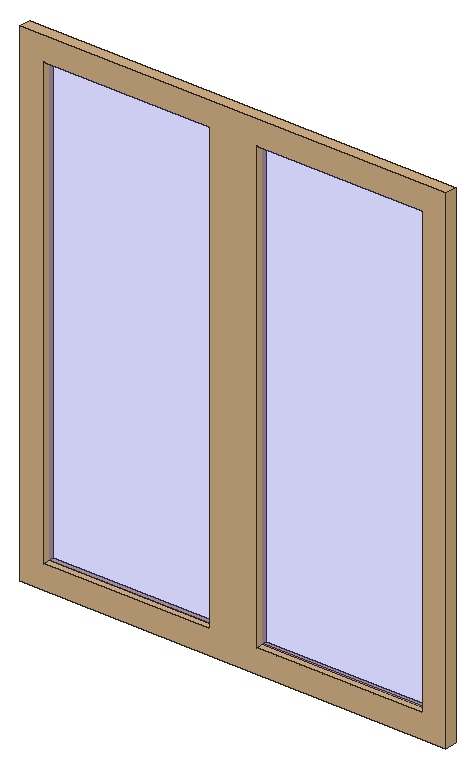
Revit family "0011_M_DR_W_double-glass 1_no trim", category 문, Revit 2026
Family settings
  호스트 = 벽
  항상 수직 = 예
  로드될 때 보이드를 사용하여 절단 = 아니오
  공유 = 아니오
  룸 계산 점 = 아니오
Parameters (values of type "72" x 84"")
  두께 = 0' - 2"
  조합 코드 = "C1020"
  기능 = 내부
  Door Material = Door - Panel
  Frame Material = Door - Frame
  Height = 7' - 0"
  Rail Width - Base = 0' - 4"
  Rail Width - Top = 0' - 4"
  Stile Width - Hinge = 0' - 4"
  Stile Width - Latch = 0' - 4"
  벽 마무리 = 호스트별
  Width = 6' - 0"
Types (6): name | 두께 | 조합 코드 | Height | Rail Width - Base | Rail Width - Top | Stile Width - Hinge | Stile Width - Latch | Width
  72" x 84" | 0' - 2" | "C1020" | 7' - 0" | 0' - 4" | 0' - 4" | 0' - 4" | 0' - 4" | 6' - 0"
  68" x 80" | 0' - 2" | "C1020" | 6' - 8" | 0' - 4" | 0' - 4" | 0' - 4" | 0' - 4" | 5' - 8"
  68" x 84" | 0' - 2" | "C1020" | 7' - 0" | 0' - 4" | 0' - 4" | 0' - 4" | 0' - 4" | 5' - 8"
  72" x 78" | 0' - 2" | "C1020" | 6' - 6" | 0' - 4" | 0' - 4" | 0' - 4" | 0' - 4" | 6' - 0"
  72" x 82" | 0' - 2" | "C1020" | 6' - 10" | 0' - 4" | 0' - 4" | 0' - 4" | 0' - 4" | 6' - 0"
  1830 x 2134mm | 0' - 1.9685" | 0' - 0" | 7' - 0.01575" | 0' - 3.93701" | 0' - 3.93701" | 0' - 3.93701" | 0' - 3.93701" | 6' - 0.04724"
Reference planes (in)
  plane 1: y = 0
  plane 2: z = 0
  plane 3: x = 0
  plane 4: x = -36
  plane 5: x = 36
  plane 6: z = 84
  plane 7: z = 42
  plane 8: z = 4
  plane 9: z = 80
Forms (in)
  Extrusion 1, solid, material "Door - Panel" <- "Door Material"
    sketch origin (0, 0, 0) x (1, 0, 0) y (0, 0, 1)
      loop
        line (-36, 84) -> (-36, 0) -> (36, 0) -> (36, 84) -> (-36, 84)
      loop
        line (-32, 80) -> (-32, 4) -> (-4, 4) -> (-4, 80) -> (-32, 80)
      loop
        line (4, 80) -> (4, 4) -> (32, 4) -> (32, 80) -> (4, 80)
    from -3.09375 to -1.09375
  Extrusion 2, solid, material "Glass"
    sketch origin (0, 0, 0) x (1, 0, 0) y (0, 0, 1)
      loop
        line (-4, 80) -> (-32, 80) -> (-32, 4) -> (-4, 4) -> (-4, 80)
    from -2.375 to -2.09375
  Extrusion 3, solid, material "Glass"
    sketch origin (0, 0, 0) x (1, 0, 0) y (0, 0, 1)
      loop
        line (4, 80) -> (4, 4) -> (32, 4) -> (32, 80) -> (4, 80)
    from -2.375 to -2.09375
Lines and regions (in)
  Opening 1
    outline origin (-60, -2.90625, 144) x (0, 0, -1) y (1, 0, 0)
      loop
        line (60, 24) -> (144, 24) -> (144, 96) -> (60, 96) -> (60, 24)
  symbolic lines, style "DoorsPanelProjection"
    curve 1: line (35.9952, 3.09375, 0) -> (34, 3.09375, 0)
    curve 2: line (35.9952, 3.09375, 0) -> (35.9952, 7.09375, 0)
    curve 3: line (35.9952, 39.09135, 0) -> (34, 39.09135, 0)
    curve 4: line (34, 3.09375, 0) -> (34, 7.09375, 0)
    curve 5: line (-36.02099, 3.09375, 0) -> (-33.99712, 3.09375, 0)
    curve 6: line (-36.02099, 3.09375, 0) -> (-36.02099, 7.09375, 0)
    curve 7: line (-36.02099, 39.09137, 0) -> (-33.99712, 39.09137, 0)
    curve 8: line (-33.99712, 3.09375, 0) -> (-33.99712, 7.09375, 0)
    curve 15: line (-36.02099, 35.09137, 0) -> (-33.99712, 35.09137, 0)
    curve 16: line (-36.02099, 7.09375, 0) -> (-33.99712, 7.09375, 0)
    curve 18: line (34, 35.09135, 0) -> (35.9952, 35.09135, 0)
    curve 19: line (35.9952, 7.09375, 0) -> (34, 7.09375, 0)
    curve 21: line (-36.02099, 35.09137, 0) -> (-36.02099, 39.09137, 0)
    curve 22: line (-33.99712, 35.09137, 0) -> (-33.99712, 39.09137, 0)
    curve 23: line (-33.99712, 7.09375, 0) -> (-33.99712, 35.09137, 0)
    curve 24: line (-36.02099, 7.09375, 0) -> (-36.02099, 35.09137, 0)
    curve 25: line (34, 35.09135, 0) -> (34, 39.09135, 0)
    curve 26: line (35.9952, 35.09135, 0) -> (35.9952, 39.09135, 0)
    curve 27: line (35.9952, 7.09375, 0) -> (35.9952, 35.09135, 0)
    curve 28: line (34, 7.09375, 0) -> (34, 35.09135, 0)
  symbolic lines, style "Plan Swing"
    curve 9: arc (-0.00254, 2.16269, 0) -> (-10.21878, 28.23054, 0) -> (-36.02099, 39.10021, 0) r 36.00942
    curve 10: arc (-0.00254, 2.16269, 0) -> (10.20557, 28.22387, 0) -> (35.9952, 39.0998, 0) r 36.00605
  model lines
    curve 11: line (0, 0, 84) -> (0, 0, 84)
    curve 12: line (0, 0, 84) -> (0, 0, 84)
    curve 13: line (0, 0, 84) -> (0, 0, 84)
    curve 14: line (0, 0, 84) -> (0, 0, 84)
    curve 30: line (0, 1.09375, 84) -> (0, 1.09375, 0)
  symbolic lines, style "DoorsGlassProjection"
    curve 17: line (-34.99856, 35.09137, 0) -> (-34.99856, 7.09375, 0)
    curve 20: line (35, 7.09375, 0) -> (35, 35.09135, 0)
  model lines, style "Plan Swing"
    curve 29: line (0, 3.09375, 84) -> (0, 3.09375, 0)
  symbolic lines, style "Elevation Swing"
    curve 31: line (0.00043, 3.09375, 84.00051) -> (36, 3.09375, 42)
    curve 32: line (36, 3.09375, 42) -> (0, 3.09375, 0)
    curve 33: line (0.00043, 3.09375, 84.00051) -> (-36.00043, 3.09375, 41.99949)
    curve 34: line (-36.00043, 3.09375, 41.99949) -> (0, 3.09375, 0)
    curve 35: line (0, -2.90625, 84.00102) -> (-36.00087, -2.90625, 42)
    curve 36: line (-36.00087, -2.90625, 42) -> (0, -2.90625, 0)
    curve 37: line (0, -2.90625, 84.00102) -> (36, -2.90625, 42)
    curve 38: line (36, -2.90625, 42) -> (0, -2.90625, 0)
Text (in)
  text "Exterior" at (-78.76614, 13.86463, 0), in view "Ground floor"
Dimensions and locks (in)
  equal spacing: plane 4, plane 3, plane 5
  "Width": plane 4 to plane 5
  host wall to curve 1 = 0' - 0"
  "Height": plane 6 to plane 2
  "Stile Width - Latch": curve 15 to curve 7
  "Stile Width - Hinge": host wall to curve 16
  "Stile Width - Latch": curve 3 to curve 18
  "Stile Width - Hinge": curve 19 to host wall
  equal spacing: plane 2, plane 7, plane 6
  "두께": Extrusion 1 to host wall
  "Rail Width - Base": plane 2 to plane 8
  "Rail Width - Top": plane 9 to plane 6
  locked: host wall to Extrusion 2 at 0.71875
  host wall to Extrusion 3 = 0' - 0 23/32"
  locked: Extrusion 3 to Extrusion 3 at 0.28125
  aligned and locked: Extrusion 2 to Extrusion 3  (x2)
  aligned and locked: host wall to Extrusion 1
Automatic sketch dimensions
  Opening 1 sketch curve to plane 6 = 0' - 0"
  Opening 1 sketch curve to level = 0' - 0"
  Opening 1 sketch curve to plane 4 = 0' - 0"
  Opening 1 sketch curve to plane 5 = 0' - 0"
  Extrusion 1 sketch curve to plane 4 = 0' - 0"
  Extrusion 1 sketch curve to plane 5 = 0' - 0"
  Extrusion 1 sketch curve to level = 0' - 0"
  Extrusion 1 sketch curve to plane 6 = 0' - 0"
  Extrusion 2 sketch curve to plane 8 = 0' - 0"
  Extrusion 2 sketch curve to plane 9 = 0' - 0"
  Extrusion 3 sketch curve to plane 8 = 0' - 0"
  Extrusion 3 sketch curve to plane 9 = 0' - 0"
  curve 9 to plane 4 = 0' - 0"
  plane 4 to curve 7 = 0' - 0.02099"
  plane 4 to curve 9 = 0' - 0.02099"
  curve 17 to plane 4 = 0' - 1.00144"
  curve 17 to curve 8 = 0' - 1.00144"
  curve 9 to plane 3 = 0' - 0.00254"
  plane 5 to curve 4 = 0' - 2"
  plane 5 to curve 20 = 0' - 1"
  plane 5 to curve 10 = 0' - 0.00853"
  plane 5 to curve 26 = 0' - 0.0048"
  plane 5 to curve 10 = 0' - 0.0048"
  curve 5 to curve 6 = 0' - 4"
  curve 10 to curve 1 = 0' - 0"
  curve 22 to curve 9 = 0' - 4.00884"
  curve 18 to curve 10 = 0' - 4.00845"
  plane 5 to Extrusion 1 sketch curve = 0' - 4"
  plane 5 to Extrusion 3 sketch curve = 0' - 4"
  Extrusion 1 sketch curve to plane 8 = 0' - 0"  (x2)
  Extrusion 1 sketch curve to plane 9 = 0' - 0"  (x2)
  Extrusion 1 sketch curve to plane 4 = 0' - 4"
  Extrusion 2 sketch curve to plane 4 = 0' - 4"
  plane 3 to Extrusion 1 sketch curve = 0' - 4"
  plane 3 to Extrusion 3 sketch curve = 0' - 4"
  Extrusion 1 sketch curve to plane 3 = 0' - 4"
  Extrusion 2 sketch curve to plane 3 = 0' - 4"
  curve 9 to curve 6 = 0' - 0.00296"
  curve 9 to plane 1 = 0' - 2.16269"
  curve 35 to plane 3 = 0' - 0"
  curve 12 to plane 3 = 0' - 0"  (x2)
  curve 12 to plane 6 = 0' - 0"  (x2)
  curve 11 to plane 3 = 0' - 0"
  curve 11 to plane 6 = 0' - 0"
  curve 29 to plane 3 = 0' - 0"
  curve 29 to plane 6 = 0' - 0"
  curve 13 to plane 3 = 0' - 0"
  curve 13 to plane 6 = 0' - 0"
  curve 30 to plane 3 = 0' - 0"
  curve 30 to plane 6 = 0' - 0"
  curve 31 to plane 5 = 0' - 0"
  curve 31 to plane 7 = 0' - 0"
  curve 36 to plane 7 = 0' - 0"
  plane 4 to curve 33 = 0' - 0.00043"
  plane 7 to curve 33 = 0' - 0.00051"
  curve 37 to plane 5 = 0' - 0"
  curve 37 to plane 7 = 0' - 0"
  curve 32 to level = 0' - 0"
  curve 29 to level = 0' - 0"
  curve 30 to level = 0' - 0"
  curve 36 to level = 0' - 0"
  curve 36 to plane 3 = 0' - 0"
  curve 32 to plane 3 = 0' - 0"
  curve 33 to plane 6 = 0' - 0.00051"
  curve 37 to curve 31 = 0' - 0.00051"
  curve 36 to curve 34 = 0' - 0.00043"
  plane 3 to curve 33 = 0' - 0.00043"
